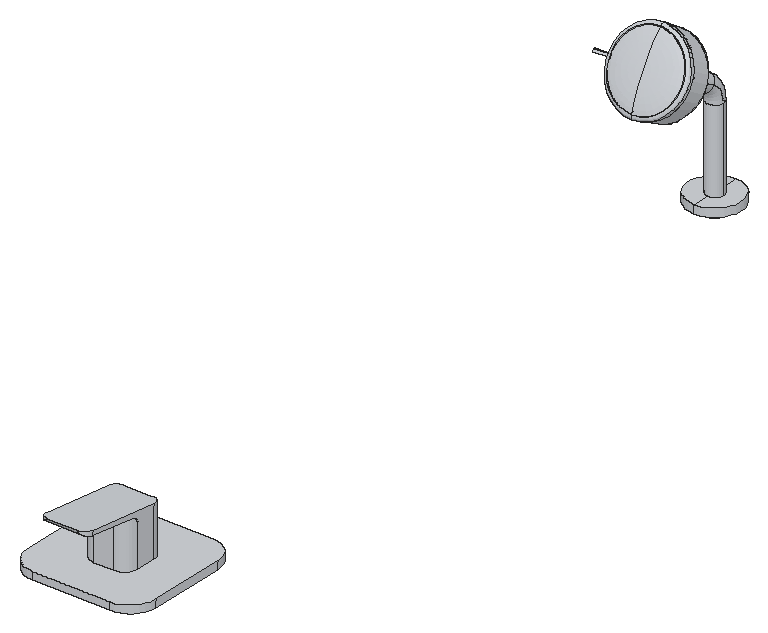
Revit family "Shower_Kit-Lixil-Grohe-Cubeo_Pressure_Balance_Valve_Shower-105377 new", category Plumbing Fixtures, host Face, Revit 2023
Family settings
  Host = Face
  Round Connector Dimension = Use Diameter
  Part Type = Normal
  OmniClass Number = 23.45.05.14.17
  OmniClass Title = Showers
  Enable Cutting in Views = No
  Cut with Voids When Loaded = No
  Maintain Annotation Orientation = No
  Shared = No
  Room Calculation Point = No
Parameters (values of type "Chrome")
  Waste Connection = 1 = 0  # no
  Warranty URL = "Contact Manufacturer for More Information"
  WFU = 0
  Version = "2023 v.1.0a"  # constant formula
  Vent Connection = 1 = 0  # no
  URL = "https://www.grohe.com/en/corporate/homepage.html"
  Type Comments = ""
  Support Phone = "224-699-9545"  # constant formula
  Support Email = "mailto:support@bimsmith.com"
  Shower Head Height [instance] = 6' - 0"
  Product Page URL = "https://lixilpro.com/products/Bathroom-Faucets/bath-trim/Cubeo-Pressure-Balance-Valve-Shower-Trim-Kit/Chrome-(G00)-1053770000/"
  Product Name = "Cubeo Pressure Balance Valve Shower Trim Kit"  # constant formula
  Product Documentation Link = "https://lixil.cdn.celum.cloud/252852_105377_Cubeo_PB_valve_shower_trim_kit_original.pdf"
  Model = "1053770000"
  Material = "Solid Brass Body Construction"  # constant formula
  Manufacturer Phone Number = "+1 (800) 444-7643"  # constant formula
  Manufacturer Email = "Contact Manufacturer for More Information"
  Manufacturer Address = "Contact Manufacturer for More Information"
  Manufacturer = "LIXIL"  # constant formula
  Lever Handle Height [instance] = 3' - 0"
  Keynote = "22 41 39"
  HWFU = 0
  HW Connection = 1 = 0  # no
  Flow Rate = 0 GPM
  Finish = Metal - Grohe - Chrome
  Description = "Shower Trim Kit"  # constant formula
  Default Elevation = 0' - 0"  # constant formula
  Copyright = "©LIXIL® | All Rights Reserved"  # constant formula
  Collection = "Cubeo"  # constant formula
  CWFU = 0
  CW Connection = 1 = 0  # no
  C Shower Head [instance] = if(Shower Head Height < C Lever Handle Height + 0' 10", C Lever Handle Height + 0' 10", Shower Head Height)  # 6' - 0"
  C Lever Handle Height [instance] = 3' - 0"
  Brand = "Grohe"  # constant formula
  Assembly Code = "D2010700"
Types (4): name | Model | Finish
  Chrome | "1053770000" | Metal - Grohe - Chrome
  Matte Black | "1053772430" | Metal - Grohe - Matte Black
  Brushed Nickel | "105377EN00" | Metal - Grohe - Brushed Nickel
  Brushed Cool Sunrise | "105377GN00" | Metal - Grohe - Brushed Cool Sunrise
Reference planes (in)
  plane 1 "Center (Front/Back)": y = 3.48817
  plane 2: z = 0
  plane 3 "Center (Left/Right)": x = 0
  plane 4 "FF": y = -32.51183
  plane 5: y = 39.48817
  plane 6: y = -32.51183
  plane 7: y = -8.51183
  plane 8: z = -6
Forms (in)
  Extrusion 1, void
    sketch origin (0, 0, 0) x (1, 0, 0) y (0, 1, 0)
      loop
        circle (0, 39.48817) r 0.41509
    from 0 to -6
Dimensions and locks (in)
  "C Shower Head": plane 5 to plane 4 "FF"
  plane 7 to plane 6 = 2' - 0"
  "C Lever Handle Height": plane 4 "FF" to plane 1 "Center (Front/Back)"
  level to plane 2 to plane 8 = 0' - 0", 0' - 6"
  aligned and locked: plane 2 to host face
  aligned and locked: level to host face
  aligned and locked: plane 3 "Center (Left/Right)" to nested 1
  aligned and locked: nested 1 to plane 5
  aligned and locked: plane 1 "Center (Front/Back)" to nested 2
  aligned and locked: plane 3 "Center (Left/Right)" to nested 2
  aligned and locked: plane 5 to Extrusion 1 sketch curve
  aligned and locked: plane 3 "Center (Left/Right)" to Extrusion 1 sketch curve
  aligned and locked: Extrusion 1 to plane 8
Automatic sketch dimensions
  host sketch curve to host sketch curve = 3' - 7.15541"
  host sketch curve to host sketch curve = 6' - 8.51183"
  radius of Extrusion 1 sketch curve = 0' - 0.41509"
Nested families (in)
  nested 1: "Tempesta_Shower_Head_Arm" at (0, 39.48817, 0), type "Tempesta_Shower_Head_Arm"
  nested 2: "Shower_Trim" at (0, 3.48817, 0), type "Shower_Trim"
Connectors (in)
  piping at (0, 39.48817, -0.5315), diameter 0.5, driven by "Flow Rate"
    settings: on nested 1, index 1, connector inside diameter 24", connector length 0' - 0", flow factor 0, pipe flow 0 GPM, pressure drop 0.00 psi, fitting loss kfactor 0, connector angle 0.00°, fixture units 0, engagement length 0' - 0", angle of deflection 0.00°, flow configuration 0, flow direction 1, fitting loss method 0, system type 29, joint type 0, gender type 0, connector reference index -1, connector utility 0, adjustable connector no, is connector primary yes, connector description ""
Definition of nested family "Tempesta_Shower_Head_Arm"
  Parameters (values of type "Tempesta_Shower_Head_Arm")
    Material = none
    Default Elevation = 4' - 0"
  Reference planes (in)
    plane 1 "Center (Front/Back)": y = 0
    plane 2: z = 0
    plane 3 "Center (Left/Right)": x = 0
    plane 4: through (0, -2.78329, 6.70046) normal (0, 0.5, 0.866)
  Forms (in)
    Extrusion 1, solid
      sketch origin (0, 0, 0) x (1, 0, 0) y (0, 1, 0)
        loop
          line (-48, 48) -> (-48, -48) -> (48, -48) -> (48, 48) -> (-48, 48)
      from 0 to -12
    Sweep 2, solid, material <- "Material"
      path origin (0, 0, 0) x (0, 1, 0) y (0, 0, 1)
        loop
          line (0, -0.5315) -> (0, 4.40647)
          arc (0, 4.40647) -> (-0.15943, 5.00147) -> (-0.595, 5.43705) r 1.19
          line (-0.595, 5.43705) -> (-1.65493, 6.049)
      profile origin (0, 0, 1.93749) x (0, -1, 0) y (1, 0, 0)
        loop
          circle (0, 0) r 0.41509
    Revolve 3, solid, material <- "Material"
      sketch origin (0, 0, 0) x (0, 1, 0) y (0, 0, 1)
        loop
          line (1.2769, 0) -> (1.2769, 0.3937) -> (0.41509, 0.3937) -> (0.41509, 0) -> (1.2769, 0)
        axis (0, 0) -> (0, 0.3937)
      angle from 0 to 360
    Revolve 4, solid, material <- "Material"
      sketch origin (0, 0, 0) x (0, 1, 0) y (0, 0, 1)
        loop
          line (-1.33896, 6.47817) -> (-1.83312, 6.76347) -> (-1.96475, 6.64904) -> (-2.09656, 6.72514) -> (-1.87957, 7.10098) -> (-2.37376, 7.40979) -> (-1.97655, 8.33493)
          arc (-1.97655, 8.33493) -> (-1.97347, 8.39032) -> (-2.00681, 8.43465) r 0.08086
          line (-2.00681, 8.43465) -> (-2.90059, 9.01508) -> (-2.96862, 8.89726) -> (-2.93805, 9.03941) -> (-3.07962, 9.13134)
          spline (-3.07962, 9.13134) -> (-3.08962, 9.13567) -> (-3.10085, 9.13782) -> (-3.11331, 9.13779) -> (-3.12698, 9.13559) -> (-3.14184, 9.13122) -> (-3.15787, 9.12467) -> (-3.17505, 9.11597) -> (-3.19336, 9.10512) -> (-3.21278, 9.09213) -> (-3.23328, 9.07703) -> (-3.25484, 9.05983) -> (-3.27742, 9.04055)
          line (-3.27742, 9.04055) -> (-3.22856, 8.99168) -> (-3.28854, 9.03063)
          spline (-3.28854, 9.03063) -> (-3.35355, 8.96796) -> (-3.42474, 8.89184) -> (-3.50149, 8.80296) -> (-3.58313, 8.70208) -> (-3.66894, 8.5901) -> (-3.75816, 8.46799) -> (-3.85001, 8.33683) -> (-3.94369, 8.19778) -> (-4.03837, 8.05204) -> (-4.13323, 7.9009) -> (-4.22743, 7.74568) -> (-4.32014, 7.58775)
          line (-4.32014, 7.58775) -> (-1.60379, 6.01947) -> (-1.33896, 6.47817)
        axis (-1.60379, 6.01947) -> (-4.32014, 7.58775)
      angle from 0 to 360
    Extrusion 5, solid, material <- "Material", detail levels fine
      sketch origin (0, -2.78329, 6.70046) x (0, 0.866025, -0.5) y (-1, 0, 0)
        loop
          line (-1.4128, 1.80091) -> (-1.1699, 2.04381) -> (-1.39444, 2.66074) -> (-1.78053, 2.43783) -> (-1.4128, 1.80091)
      from -0.05859 to 0.05859
  Dimensions and locks (in)
    aligned and locked: plane 2 to Extrusion 1
    aligned and locked: level to Extrusion 1
    aligned and locked: Revolve 3 sketch curve to plane 1 "Center (Front/Back)"
Definition of nested family "Shower_Trim"
  Parameters (values of type "Shower_Trim")
    Material = none
    Finish = none
    Default Elevation = 4' - 0"
  Reference planes (in)
    plane 1 "Center (Front/Back)": y = 0
    plane 2: z = 0
    plane 3 "Center (Left/Right)": x = 0
    plane 4: y = 3.125
    plane 5: y = -3.125
    plane 6: x = 3.125
    plane 7: x = -3.125
    plane 8: y = -1.125
    plane 9: y = -0.48828
    plane 10: y = 0.98386
  Forms (in)
    Extrusion 1, solid
      sketch origin (0, 0, 0) x (1, 0, 0) y (0, 1, 0)
        loop
          line (-48, 48) -> (-48, -48) -> (48, -48) -> (48, 48) -> (-48, 48)
      from 0 to -12
    Extrusion 2, solid, material <- "Finish"
      sketch origin (0, 0, 0) x (1, 0, 0) y (0, 1, 0)
        loop
          arc (-1.875, 3.125) -> (-2.75888, 2.75888) -> (-3.125, 1.875) r 1.25
          line (-3.125, 1.875) -> (-3.125, -1.875)
          arc (-3.125, -1.875) -> (-2.75888, -2.75888) -> (-1.875, -3.125) r 1.25
          line (-1.875, -3.125) -> (1.875, -3.125)
          arc (1.875, -3.125) -> (2.75888, -2.75888) -> (3.125, -1.875) r 1.25
          line (3.125, -1.875) -> (3.125, 1.875)
          arc (3.125, 1.875) -> (2.75888, 2.75888) -> (1.875, 3.125) r 1.25
          line (1.875, 3.125) -> (-1.875, 3.125)
      from 0 to 0.37358
    Extrusion 3, solid, material <- "Finish"
      sketch origin (0, 0, 0) x (1, 0, 0) y (0, 1, 0)
        loop
          line (-0.48828, -1.125) -> (0.48828, -1.125)
          arc (0.48828, -1.125) -> (0.93851, -0.93851) -> (1.125, -0.48828) r 0.63672
          line (1.125, -0.48828) -> (1.125, 0.00031) -> (-1.125, 0.00031) -> (-1.125, -0.48828)
          arc (-1.125, -0.48828) -> (-0.93851, -0.93851) -> (-0.48828, -1.125) r 0.63672
      from 0.37358 to 2.82186
    Extrusion 4, solid, material <- "Finish"
      sketch origin (0, 0, 0) x (0, 1, 0) y (-1, 0, 0)
        loop
          line (0.51855, 1.125) -> (-3.20459, 1.125)
          arc (-3.20459, 1.125) -> (-3.53538, 0.98798) -> (-3.67239, 0.6572) r 0.4678
          line (-3.67239, 0.6572) -> (-3.67239, -0.6572)
          arc (-3.67239, -0.6572) -> (-3.53538, -0.98798) -> (-3.20459, -1.125) r 0.4678
          line (-3.20459, -1.125) -> (0.51855, -1.125)
          arc (0.51855, -1.125) -> (0.84757, -0.98871) -> (0.98386, -0.65969) r 0.46531
          line (0.98386, -0.65969) -> (0.98386, 0.65969)
          arc (0.98386, 0.65969) -> (0.84757, 0.98871) -> (0.51855, 1.125) r 0.46531
      from 0.37358 to 3.5
    Extrusion 5, void
      sketch origin (0, -0.6237, -1.00591) x (0, 1, 0) y (0, 0, 1)
        loop
          arc (-2.5013, 4.00901) -> (-2.70172, 4.04638) -> (-2.89597, 4.10832) r 1.64073
          arc (-2.89597, 4.10832) -> (-2.99864, 4.18422) -> (-3.04869, 4.30169) r 0.24311
          line (-3.04869, 4.30169) -> (1.85445, 3.69966) -> (1.85445, 5.04284) -> (-4.00086, 5.04284) -> (-4.00086, 1.37949) -> (0.13542, 1.37949) -> (0.13542, 3.33782)
          arc (0.13542, 3.33782) -> (0.03683, 3.59804) -> (-0.20943, 3.72761) r 0.39271
          line (-0.20943, 3.72761) -> (-2.5013, 4.00901)
      from -1.125 to 1.125
  Cuts and joins
    Extrusion 5 cuts Extrusion 4
    joined: Extrusion 3, Extrusion 4
  Lines and regions (in)
    model lines, detail levels fine
      curve 1: line (-0.32989, 2.73433, 0.37358) -> (0.32989, 2.73433, 0.37358)
      curve 2: line (-0.32989, 2.48433, 0.37358) -> (-0.32989, 2.73433, 0.37358)
      curve 3: line (0.32989, 2.48433, 0.37358) -> (-0.32989, 2.48433, 0.37358)
      curve 4: line (0.32989, 2.73433, 0.37358) -> (0.32989, 2.48433, 0.37358)
  Dimensions and locks (in)
    equal spacing: plane 7, plane 3 "Center (Left/Right)", plane 6
    plane 7 to plane 6 = 0' - 6 1/4"
    equal spacing: plane 4, plane 1 "Center (Front/Back)", plane 5
    plane 4 to plane 5 = 0' - 6 1/4"
    Extrusion 4 sketch curve to Extrusion 4 sketch curve = 0' - 4 21/32"
    equal spacing: curve 2, plane 3 "Center (Left/Right)", curve 4
    aligned and locked: plane 2 to Extrusion 1
    aligned and locked: level to Extrusion 1
    aligned and locked: Extrusion 2 sketch curve to plane 4
    aligned and locked: plane 7 to Extrusion 2 sketch curve
    aligned and locked: plane 5 to Extrusion 2 sketch curve
    aligned and locked: Extrusion 2 sketch curve to plane 6
  Automatic sketch dimensions
    Extrusion 1 sketch curve to Extrusion 1 sketch curve = 8' - 0"  (x2)
    plane 7 to Extrusion 2 sketch curve = 0' - 1 1/4"
    Extrusion 2 sketch curve to plane 4 = 0' - 1 1/4"
    Extrusion 2 sketch curve to plane 8 = 0' - 0 3/4"
    Extrusion 2 sketch curve to plane 6 = 0' - 1 1/4"
    Extrusion 3 sketch curve to plane 8 = 0' - 0"
    plane 1 "Center (Front/Back)" to Extrusion 3 sketch curve = 0' - 0 125/256"  (x2)
    Extrusion 3 sketch curve to plane 3 "Center (Left/Right)" = 0' - 1 1/8"
    plane 3 "Center (Left/Right)" to Extrusion 3 sketch curve = 0' - 0 125/256"
    Extrusion 3 sketch curve to plane 1 "Center (Front/Back)" = 0' - 0.00031"
    Extrusion 4 sketch curve to plane 5 = 0' - 0.54739"
    Extrusion 4 sketch curve to plane 5 = 0' - 0.07959"  (x2)
    Extrusion 4 sketch curve to plane 1 "Center (Front/Back)" = 0' - 0.51855"
    Extrusion 4 sketch curve to Extrusion 4 sketch curve = 0' - 0.46531"
    plane 3 "Center (Left/Right)" to Extrusion 4 sketch curve = 0' - 1 1/8"
    Extrusion 4 sketch curve to Extrusion 4 sketch curve = 0' - 0"
    Extrusion 4 sketch curve to plane 3 "Center (Left/Right)" = 0' - 0.6572"
    Extrusion 5 sketch curve to plane 9 = 0' - 0"
    Extrusion 5 sketch curve to plane 5 = 0' - 0.30656"
    Extrusion 5 sketch curve to Extrusion 5 sketch curve = 0' - 0.24083"
    plane 5 to Extrusion 5 sketch curve = 0' - 0.19995"
    plane 8 to Extrusion 5 sketch curve = 0' - 0.24401"
    plane 8 to Extrusion 5 sketch curve = 0' - 0.29187"
    Extrusion 5 sketch curve to Extrusion 5 sketch curve = 0' - 1.95833"
    Extrusion 5 sketch curve to Extrusion 5 sketch curve = 0' - 0.36184"
    Extrusion 5 sketch curve to Extrusion 5 sketch curve = 0' - 0.03322"
    Extrusion 5 sketch curve to Extrusion 5 sketch curve = 0' - 0.74115"
    Extrusion 5 sketch curve to Extrusion 5 sketch curve = 0' - 0.08811"
    Extrusion 5 sketch curve to Extrusion 5 sketch curve = 0' - 0"
    Extrusion 5 sketch curve to plane 1 "Center (Front/Back)" = 0' - 1.23075"
    Extrusion 5 sketch curve to plane 5 = 0' - 0"
    Extrusion 5 sketch curve to Extrusion 5 sketch curve = 0' - 0.95216"
    level to Extrusion 5 sketch curve = 0' - 0.37358"
    curve 3 to Extrusion 2 = 0' - 0.64067"
    curve 3 to Extrusion 2 = 0' - 2.79511"
    curve 2 to curve 2 = 0' - 0 1/4"
